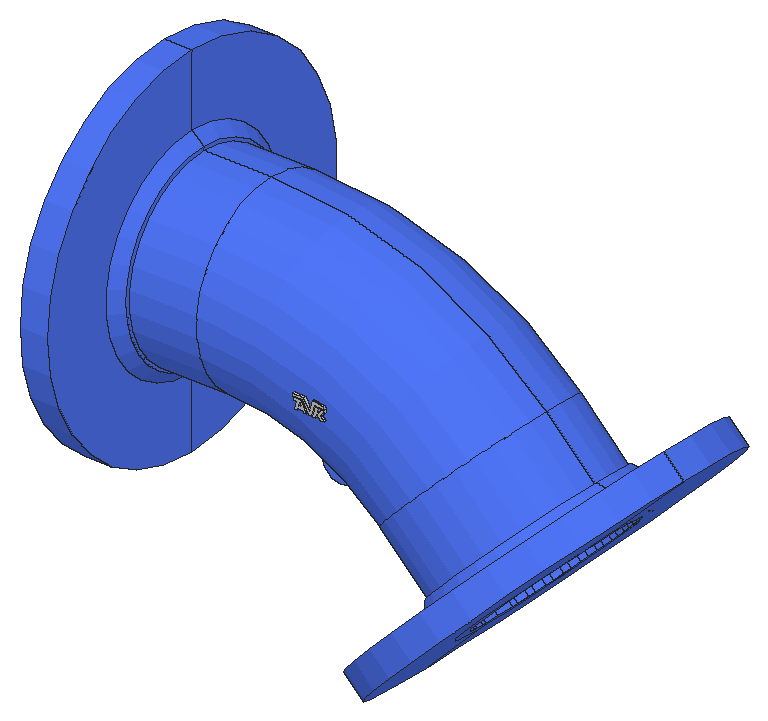
Revit family "712-0065-04-201-DN100", category Pipe Fittings, Revit 2019
Family settings
  Round Connector Dimension = Use Diameter
  Part Type = Elbow
  Work Plane-Based = No
  Always vertical = Yes
  Cut with Voids When Loaded = No
  Shared = No
Parameters (values of type "DN100_PN10/16")
  Search_Table = "712-0420-001-DN40-300"
  Rf_Dia = size_lookup(Search_Table, "Rf_Dia", 0 mm, [Nominal Diameter(DN)]) / 2  # 78 mm
  RF_Thick = size_lookup(Search_Table, "Rf_Thickness", 0 mm, [Nominal Diameter(DN)])  # 3 mm
  L_Ref = size_lookup(Search_Table, "L_Ref", 0 mm, [Nominal Diameter(DN)])  # 80 mm
  L = size_lookup(Search_Table, "L", 0 mm, [Nominal Diameter(DN)])  # 140 mm
  ID(Radius) = [Nominal Diameter(DN)] / 2  # 50 mm
  Flange_thickness = size_lookup(Search_Table, "Flange_thickness", 0 mm, [Nominal Diameter(DN)])  # 17 mm
  Nominal Diameter(DN) = 100 mm
  FOD = size_lookup(Search_Table, "FOD", 0 mm, [Nominal Diameter(DN)]) / 2  # 110 mm
  URL product pages = "https://www.avkvalves.com/P.aspx?no=712004043201"
  Description_ = "AVK FLANGED PIPE W/LOOSE FLANGES"
  DN100_PN10/16 = yes
  DN 100_PN10/16 = "712-0100-04-201"
  Body_wallthickness = 15 mm + [Nominal Diameter(DN)]  # 115 mm
Reference planes
  plane 1 "Center (Front/Back)": y = 0
  plane 2: z = 0
  plane 3 "Center (Left/Right)": x = 0
  plane 4: through (229.785, -1524, -108.205) normal (-0.7071, 0, 0.7071)
  plane 5: x = 140
  plane 6: through (143.661, -1524, 3.661) normal (-0.7071, 0, 0.7071)
  plane 7: z = 0
  plane 8: through (140, -1524, 0) normal (0.7071, 0, 0.7071)
Forms (mm)
  Sweep 1, solid, material "Plastic", visible <- "DN100_PN10/16"
    path origin (0, 0, -142.777) x (1, 0, 0) y (0, 0, 1)
      loop
        line (0, 142.777) -> (65.442, 142.777)
        arc (65.442, 142.777) -> (134.325, 129.076) -> (192.721, 90.057) r 180
        line (192.721, 90.057) -> (238.995, 43.782)
    profile origin (32.721, 0, 0) x (0, 0, 1) y (0, -1, 0)
      loop
        circle (0, 0) r 57.5
  Sweep 2, void
    path origin (0, 0, -142.777) x (1, 0, 0) y (0, 0, 1)
      loop
        line (0, 142.777) -> (65.442, 142.777)
        arc (65.442, 142.777) -> (134.325, 129.076) -> (192.721, 90.057) r 180
        line (192.721, 90.057) -> (238.995, 43.782)
    profile origin (32.721, 0, 0) x (0, 0, 1) y (0, -1, 0)
      loop
        circle (0, 0) r 50
  Revolve 3, solid, material "Plastic", visible <- "DN100_PN10/16"
    sketch origin (0, 0, -142.777) x (1, 0, 0) y (0, 0, 1)
      loop
        line (0, 192.777) -> (17, 192.777) -> (17, 252.777) -> (0, 252.777) -> (0, 192.777)
      axis (0, 142.777) -> (17, 142.777)
    angle from 0 to 360
  Revolve 4, solid, material "Plastic", visible <- "DN100_PN10/16"
    sketch origin (0, 0, -142.777) x (1, 0, 0) y (0, 0, 1)
      loop
        line (274.35, 79.138) -> (316.777, 121.564) -> (304.756, 133.585) -> (262.329, 91.159) -> (274.35, 79.138)
      axis (238.995, 43.782) -> (226.974, 55.803)
    angle from 0 to 360
  Revolve 5, solid, material "Plastic", visible <- "DN100_PN10/16"
    sketch origin (0, 0, -142.777) x (1, 0, 0) y (0, 0, 1)
      loop
        line (17, 142.777) -> (24.071, 142.777) -> (24.071, 202.138) -> (17, 209.209) -> (17, 142.777)
      axis (17, 142.777) -> (24.071, 142.777)
    angle from 0 to 360
  Revolve 6, solid, material "Plastic", visible <- "DN100_PN10/16"
    sketch origin (0, 0, -142.777) x (1, 0, 0) y (0, 0, 1)
      loop
        line (226.974, 55.803) -> (271.758, 100.587) -> (263.95, 102.679) -> (222.024, 60.753) -> (226.974, 55.803)
      axis (226.974, 55.803) -> (222.024, 60.753)
    angle from 0 to 360
  Extrusion 7, solid, material "Plastic", visible <- "DN100_PN10/16"
    sketch origin (0, 0, -142.777) x (1, 0, 0) y (0, 0, 1)
      loop
        line (98.923, 92.007) -> (98.923, 62.007)
        arc (98.923, 62.007) -> (111.423, 49.507) -> (123.923, 62.007) r 12.5
        line (123.923, 62.007) -> (123.923, 92.007) -> (98.923, 92.007)
      loop
        circle (111.423, 62.007) r 7.035
    from -3.416 to 3.416
Cuts and joins
  Sweep 2 cuts Sweep 1
Dimensions and locks
  "L": plane 5 to plane 3 "Center (Left/Right)"
  "L": plane 6 to plane 4
  "ID(Radius)": Revolve 3 sketch curve to plane 7
  "FOD": Revolve 3 sketch curve to plane 7
  "Flange_thickness": Revolve 3 sketch curve to plane 3 "Center (Left/Right)"
  "FOD": Revolve 4 sketch curve to plane 8
  "ID(Radius)": Revolve 4 sketch curve to plane 8
  "Flange_thickness": Revolve 4 sketch curve to plane 4
  Revolve 6 sketch curve to plane 8 = 63.333 mm
  equal spacing: Extrusion 7, plane 1 "Center (Front/Back)", Extrusion 7
  "Body_wallthickness": diameter of Sweep 1 sketch curve
  "Nominal Diameter(DN)": diameter of Sweep 2 sketch curve
  locked: plane 4 to plane 3 "Center (Left/Right)" (angle 45.00°)
  aligned and locked: level to plane 2
  aligned and locked: Revolve 3 sketch curve to plane 3 "Center (Left/Right)"
  aligned and locked: plane 3 "Center (Left/Right)" to Revolve 3 sketch curve
  aligned and locked: Revolve 4 sketch curve to plane 8
  aligned and locked: Revolve 5 sketch curve to Revolve 3
  aligned and locked: Revolve 5 sketch curve to plane 7
  aligned and locked: plane 7 to Revolve 5 sketch curve
  aligned and locked: Revolve 6 sketch curve to plane 8
  aligned and locked: plane 8 to Revolve 6 sketch curve
Automatic sketch dimensions
  Sweep 1 sketch curve to plane 3 "Center (Left/Right)" = 0 mm
  Sweep 1 sketch curve to plane 7 = 0 mm
  Sweep 1 sketch curve to plane 8 = 0 mm  (x2)
  plane 4 to Sweep 1 sketch curve = 0 mm
  Sweep 1 sketch curve to level = 180 mm
  Sweep 1 sketch curve to plane 5 = 52.721 mm
  Sweep 2 sketch curve to plane 3 "Center (Left/Right)" = 0 mm
  Sweep 2 sketch curve to plane 7 = 0 mm
  Sweep 2 sketch curve to plane 8 = 0 mm  (x2)
  plane 4 to Sweep 2 sketch curve = 0 mm
  Sweep 2 sketch curve to level = 180 mm
  Sweep 2 sketch curve to plane 5 = 52.721 mm
  Extrusion 7 sketch curve to Extrusion 7 sketch curve = 0 mm  (x2)
  plane 5 to Extrusion 7 sketch curve = 41.077 mm
  Extrusion 7 sketch curve to Extrusion 7 sketch curve = 12.5 mm
  Extrusion 7 sketch curve to level = 80.77 mm
  Extrusion 7 sketch curve to Extrusion 7 sketch curve = 30 mm
  Revolve 5 sketch curve to Revolve 5 sketch curve = 7.071 mm  (x2)
  Revolve 5 sketch curve to Revolve 5 sketch curve = 59.36 mm
  plane 3 "Center (Left/Right)" to Revolve 5 sketch curve = 5 mm
  Revolve 5 sketch curve to Revolve 5 sketch curve = 25.929 mm
  Revolve 6 sketch curve to level = 82.024 mm
  Revolve 6 sketch curve to level = 86.974 mm
  plane 7 to Revolve 6 sketch curve = 40.099 mm
  Revolve 6 sketch curve to level = 77.782 mm
  Revolve 6 sketch curve to level = 95.459 mm
  Sweep 1 sketch curve to plane 1 "Center (Front/Back)" = 0 mm
  profile plane to Sweep 1 sketch curve = 0 mm
  Sweep 2 sketch curve to plane 1 "Center (Front/Back)" = 0 mm
  profile plane to Sweep 2 sketch curve = 0 mm
  Revolve 3 sketch curve to level = 0 mm
  plane 3 "Center (Left/Right)" to Revolve 3 sketch curve = 30 mm
  plane 4 to Revolve 4 sketch curve = 0 mm  (x2)
  Revolve 4 sketch curve to level = 77.782 mm
  radius of Extrusion 7 sketch curve = 7.035 mm
Nested families
  nested 1: "Latest 1 - Copy" at (135.208, -56.886, -23.202) x (0.9982, -0.0587, -0.0079) z (-0.0593, -0.9893, -0.1332), type "Latest 1 - Copy"
Connectors
  piping at (0, 0, 0), diameter 100, driven by "Nominal Diameter(DN)"
    settings: on Revolve 3, index 1, connector inside diameter 609.6 mm, connector length 0 mm, flow factor 0, pipe flow 0.0 L/s, pressure drop 0.0 Pa, fitting loss kfactor 0, connector angle 0.00°, fixture units 0, engagement length 0 mm, angle of deflection 0.00°, flow configuration 0, flow direction 0, fitting loss method 0, system type 7, joint type 0, gender type 0, connector reference index -1, connector utility 0, adjustable connector no, is connector primary yes, connector description ""
  piping at (238.995, 0, -98.995), diameter 100, driven by "Nominal Diameter(DN)"
    settings: on Revolve 4, index 2, connector inside diameter 609.6 mm, connector length 0 mm, flow factor 0, pipe flow 0.0 L/s, pressure drop 0.0 Pa, fitting loss kfactor 0, connector angle 0.00°, fixture units 0, engagement length 0 mm, angle of deflection 0.00°, flow configuration 0, flow direction 0, fitting loss method 0, system type 7, joint type 0, gender type 0, connector reference index -1, connector utility 0, adjustable connector no, is connector primary no, connector description ""
Definition of nested family "Latest 1 - Copy"
  Parameters
    Default Elevation = 1219.2 mm
  Reference planes
    plane 1 "Center (Front/Back)": y = 0
    plane 2: z = 0
    plane 3 "Center (Left/Right)": x = 0
  Forms (mm)
    Extrusion 1, solid
      sketch origin (0, 0, 0) x (1, 0, 0) y (0, 1, 0)
        loop
          line (-1219.2, 1219.2) -> (-1219.2, -1219.2) -> (1219.2, -1219.2) -> (1219.2, 1219.2) -> (-1219.2, 1219.2)
      from 0 to -304.8
    Extrusion 2, solid
      sketch origin (0, 0, 0) x (1, 0, 0) y (0, 1, 0)
        loop
          line (-2.683, 9.413) -> (-9.884, 9.413) -> (-9.884, 7.46) -> (-4.022, 7.46) -> (-0.985, 0) -> (0.985, 0) -> (4.022, 7.46) -> (9.884, 7.46) -> (9.884, 9.413) -> (2.683, 9.413) -> (0, 2.824) -> (-2.683, 9.413)
        loop
          line (-4.528, 6.707) -> (-9.884, 6.707) -> (-9.884, 4.824) -> (-8.032, 4.824) -> (-9.884, 0) -> (-7.792, 0) -> (-7.394, 1.035) -> (-4.328, 1.035) -> (-3.907, 0) -> (-1.798, 0) -> (-4.528, 6.707)
        loop
          line (-6.91, 2.824) -> (-5.056, 2.824) -> (-6.01, 5.167) -> (-6.91, 2.824)
        loop
          line (1.798, 0) -> (3.907, 0) -> (4.98, 2.637) -> (6.968, 0) -> (9.413, 0) -> (7.166, 2.983)
          arc (7.166, 2.983) -> (8.216, 3.774) -> (9.007, 4.824) r 4.724
          line (9.007, 4.824) -> (9.884, 4.824) -> (9.884, 6.707) -> (8.001, 6.707)
          arc (8.001, 6.707) -> (7.315, 5.008) -> (5.642, 4.261) r 2.448
          line (5.642, 4.261) -> (6.637, 6.707) -> (4.528, 6.707) -> (1.798, 0)
      from 0 to 1
  Dimensions and locks
    aligned and locked: plane 2 to Extrusion 1
    aligned and locked: level to Extrusion 1
    aligned and locked: Extrusion 2 sketch curve to import instance  (x30)
